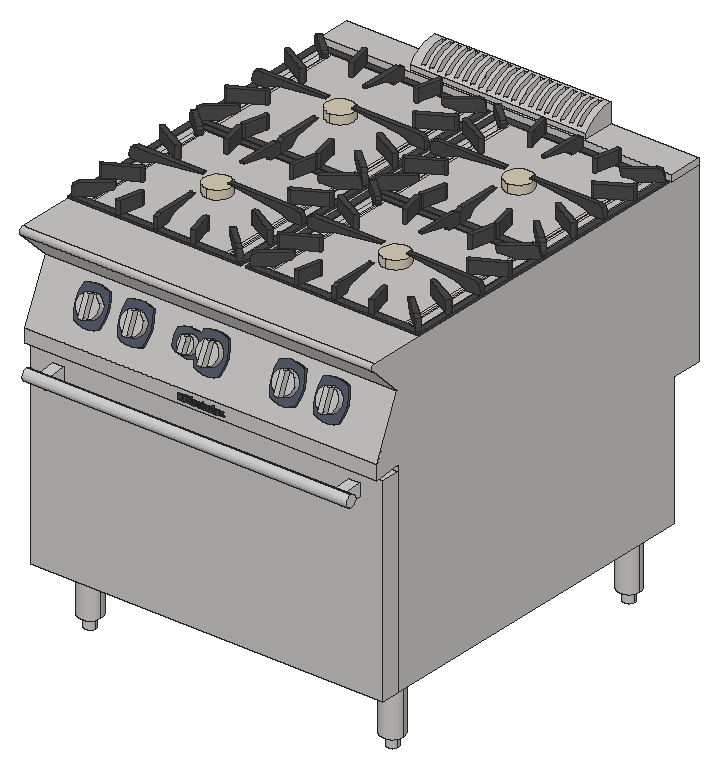
Revit family "QF_ELECTROLUXPROFESSIONAL_391004_E9GCGH4CGL", category Specialty Equipment, Revit 2018
Family settings
  Round Connector Dimension = Use Diameter
  Part Type = Normal
  Work Plane-Based = No
  Always vertical = Yes
  Cut with Voids When Loaded = No
  Shared = No
  Room Calculation Point = No
Parameters
  Weight in Pounds = 155
  Watts = 0 W
  URL Cutsheet = "www.electrolux.com"
  URL = "www.electrolux.com"
  Type Mark [instance] = ""
  Status [instance] = ""
  Specification by User [instance] = ""
  Specification by Manufacturer = ""
  Show Logo [instance] = yes
  Show Clearance [instance] = yes
  Serial Number = ""
  Seismic Rating = ""
  SMACNA No = ""
  Revision Code [instance] = ""
  Omniclass Number and Title = ""
  NAFEM Spec ID Number = ""
  Model = "391004"
  Mechanical Remarks [instance] = ""
  Mechanical Connection Type [instance] = ""
  Masterspec = ""
  Manufacturer = "ELECTROLUX"
  Item Number [instance] = ""
  Installed By [instance] = ""
  Identify Quantity as Lot [instance] = yes
  HP = "0 HP"
  Gas Size = 1/2"
  Gas RI Height [instance] = 0 mm
  Gas KW [instance] = 32.5
  Gas Input [instance] = 110793.0 Btu/h
  Gas Connection Height = 0 mm
  Furnished By [instance] = ""
  Foodservice Equipment Identifier [instance] = yes
  Direct Waste Size = 0"
  Description = "900XP 4 GAS BURNERS 6kW ON GAS OVEN"
  CSI MasterFormat = ""
  CSI Master Format = ""
Reference planes
  plane 1 "BACK": y = 0
  plane 2: z = 0
  plane 3 "LEFT": x = 0
  plane 4 "RIGHT": x = 800.1
  plane 5 "FRONT": y = -930.275
  plane 6 "TOP": z = 908
  plane 7 "Center Y": x = 400.05
  plane 8 "Center X": y = -465.137
  plane 9: z = 149.225
  plane 10: z = 1397
  plane 11: y = -80.962
  plane 12: z = 850
  plane 13: x = 56
  plane 14: y = -128
  plane 15: y = -801.687
  plane 16: y = -665.163
  plane 17: y = -1309
  plane 18: y = -576
  plane 19: x = 744.1
Forms (mm)
  Extrusion 1, solid, material "QF_Finishes_Stainless Steel"
    sketch origin (0, 0, 0) x (0, 1, 0) y (0, 0, 1)
      loop
        line (0, 449.262) -> (0, 850) -> (-922.302, 850)
        arc (-922.302, 850) -> (-930.275, 844.673) -> (-928.404, 835.268) r 8.63
        line (-928.404, 835.268) -> (-859.069, 765.933) -> (-916.765, 640.576) -> (-916.765, 609.279) -> (-856.641, 613.975)
        arc (-856.641, 613.975) -> (-854.117, 613.227) -> (-853.025, 610.831) r 3.175
        line (-853.025, 610.831) -> (-853.025, 149.225) -> (-71.438, 149.225) -> (-71.437, 449.263) -> (0, 449.262)
    from 0 to 800.1
  Revolve 2, solid, material "QF_Finishes_Stainless Steel"
    sketch origin (0, -801.687, 611.731) x (0, 0, -1) y (1, 0, 0)
      loop
        line (462.506, 56) -> (462.506, 30.6) -> (586.331, 30.6) -> (586.331, 43.3) -> (611.731, 43.3) -> (611.731, 56) -> (462.506, 56)
      axis (611.731, 56) -> (462.506, 56)
    angle from 0 to 360
  Revolve 3, solid, material "QF_Finishes_Stainless Steel"
    sketch origin (800.1, -801.687, 611.731) x (0, 0, -1) y (1, 0, 0)
      loop
        line (462.506, -55.562) -> (611.731, -55.562) -> (611.731, -42.862) -> (586.331, -42.862) -> (586.331, -30.162) -> (462.506, -30.162) -> (462.506, -55.562)
      axis (611.731, -55.562) -> (462.506, -55.562)
    angle from 0 to 360
  Revolve 4, solid, material "QF_Finishes_Stainless Steel"
    sketch origin (800.1, -128.588, 611.731) x (0, 0, -1) y (1, 0, 0)
      loop
        line (462.506, -55.562) -> (611.731, -55.562) -> (611.731, -42.862) -> (586.331, -42.862) -> (586.331, -30.162) -> (462.506, -30.162) -> (462.506, -55.562)
      axis (611.731, -55.562) -> (462.506, -55.562)
    angle from 0 to 360
  Revolve 5, solid, material "QF_Finishes_Stainless Steel"
    sketch origin (111.125, -128.588, 611.731) x (0, 0, -1) y (1, 0, 0)
      loop
        line (462.506, -55.125) -> (611.731, -55.125) -> (611.731, -42.425) -> (586.331, -42.425) -> (586.331, -29.725) -> (462.506, -29.725) -> (462.506, -55.125)
      axis (611.731, -55.125) -> (462.506, -55.125)
    angle from 0 to 360
  Extrusion 6, solid, material "QF_Finishes_Stainless Steel"
    sketch origin (0, 0, 0) x (0, 1, 0) y (0, 0, 1)
      loop
        line (0, 850) -> (0, 864.288) -> (-76.2, 864.288) -> (-76.2, 850) -> (0, 850)
    from 0 to 800.1
  Extrusion 7, void
    sketch origin (-65.011, 0, 865.138) x (-1, 0, 0) y (0, -1, 0)
      loop
        line (-295.005, 6.761) -> (-285.709, 6.761) -> (-285.709, 63.911) -> (-295.005, 63.911) -> (-295.005, 6.761)
      loop
        line (-313.697, 6.761) -> (-304.401, 6.761) -> (-304.401, 63.911) -> (-313.697, 63.911) -> (-313.697, 6.761)
      loop
        line (-332.39, 6.761) -> (-323.094, 6.761) -> (-323.094, 63.911) -> (-332.39, 63.911) -> (-332.39, 6.761)
      loop
        line (-351.082, 6.761) -> (-341.787, 6.761) -> (-341.787, 63.911) -> (-351.082, 63.911) -> (-351.082, 6.761)
      loop
        line (-369.775, 6.761) -> (-360.479, 6.761) -> (-360.479, 63.911) -> (-369.775, 63.911) -> (-369.775, 6.761)
      loop
        line (-388.468, 6.761) -> (-379.172, 6.761) -> (-379.172, 63.911) -> (-388.468, 63.911) -> (-388.468, 6.761)
      loop
        line (-407.16, 6.761) -> (-397.864, 6.761) -> (-397.864, 63.911) -> (-407.16, 63.911) -> (-407.16, 6.761)
      loop
        line (-425.853, 6.761) -> (-416.557, 6.761) -> (-416.557, 63.911) -> (-425.853, 63.911) -> (-425.853, 6.761)
      loop
        line (-444.545, 6.761) -> (-435.25, 6.761) -> (-435.25, 63.911) -> (-444.545, 63.911) -> (-444.545, 6.761)
      loop
        line (-463.238, 6.761) -> (-453.942, 6.761) -> (-453.942, 63.911) -> (-463.238, 63.911) -> (-463.238, 6.761)
      loop
        line (-481.931, 6.761) -> (-472.635, 6.761) -> (-472.635, 63.911) -> (-481.931, 63.911) -> (-481.931, 6.761)
      loop
        line (-500.623, 6.761) -> (-491.328, 6.761) -> (-491.328, 63.911) -> (-500.623, 63.911) -> (-500.623, 6.761)
      loop
        line (-519.316, 6.761) -> (-510.02, 6.761) -> (-510.02, 63.911) -> (-519.316, 63.911) -> (-519.316, 6.761)
      loop
        line (-538.008, 6.761) -> (-528.713, 6.761) -> (-528.713, 63.911) -> (-538.008, 63.911) -> (-538.008, 6.761)
      loop
        line (-556.701, 6.761) -> (-547.405, 6.761) -> (-547.405, 63.911) -> (-556.701, 63.911) -> (-556.701, 6.761)
      loop
        line (-575.394, 6.761) -> (-566.098, 6.761) -> (-566.098, 63.911) -> (-575.394, 63.911) -> (-575.394, 6.761)
      loop
        line (-594.086, 6.761) -> (-584.791, 6.761) -> (-584.791, 63.911) -> (-594.086, 63.911) -> (-594.086, 6.761)
      loop
        line (-612.779, 6.761) -> (-603.483, 6.761) -> (-603.483, 63.911) -> (-612.779, 63.911) -> (-612.779, 6.761)
      loop
        line (-631.472, 6.761) -> (-622.176, 6.761) -> (-622.176, 63.911) -> (-631.472, 63.911) -> (-631.472, 6.761)
      loop
        line (-650.164, 6.761) -> (-640.868, 6.761) -> (-640.868, 63.911) -> (-650.164, 63.911) -> (-650.164, 6.761)
    from 9.525 to 45.348
  Extrusion 8, solid, material "QF_Finishes_Stainless Steel"
    sketch origin (400.05, 175.397, 1219.2) x (0, 1, 0) y (0, 0, 1)
      loop
        line (-175.397, -354.912) -> (-175.397, -311.2)
        arc (-175.397, -311.2) -> (-214.469, -319.821) -> (-245.247, -345.387) r 84.854
        line (-245.247, -345.387) -> (-245.247, -354.912) -> (-175.397, -354.912)
    from -200.05 to 199.95
  Extrusion 9, solid, material "QF_Finishes_Navy Blue"
    sketch origin (0, -890.928, 697.612) x (0, -0.418102, -0.9084) y (1, 0, 0)
      loop
        arc (-53.776, 198.651) -> (-18.194, 191.027) -> (17.514, 198.034) r 90.5
        arc (17.514, 198.034) -> (24.34, 227.222) -> (17.514, 256.409) r 65.817
        arc (17.514, 256.409) -> (-18.193, 263.369) -> (-53.776, 255.797) r 91.066
        arc (-53.776, 255.797) -> (-60.332, 227.224) -> (-53.776, 198.651) r 65.546
      loop
        arc (-53.776, 98.651) -> (-18.194, 91.027) -> (17.514, 98.034) r 90.5
        arc (17.514, 98.034) -> (24.34, 127.222) -> (17.514, 156.409) r 65.817
        arc (17.514, 156.409) -> (-18.193, 163.369) -> (-53.776, 155.797) r 91.066
        arc (-53.776, 155.797) -> (-60.332, 127.224) -> (-53.776, 98.651) r 65.546
      loop
        arc (-53.776, 601.786) -> (-60.332, 573.214) -> (-53.776, 544.641) r 65.546
        arc (-53.776, 544.641) -> (-18.193, 537.068) -> (17.514, 544.028) r 91.066
        arc (17.514, 544.028) -> (24.34, 573.216) -> (17.514, 602.404) r 65.817
        arc (17.514, 602.404) -> (-18.194, 609.411) -> (-53.776, 601.786) r 90.5
      loop
        arc (-53.776, 701.786) -> (-60.332, 673.214) -> (-53.776, 644.641) r 65.546
        arc (-53.776, 644.641) -> (-18.193, 637.068) -> (17.514, 644.028) r 91.066
        arc (17.514, 644.028) -> (24.34, 673.216) -> (17.514, 702.404) r 65.817
        arc (17.514, 702.404) -> (-18.194, 709.411) -> (-53.776, 701.786) r 90.5
      loop
        arc (-40.159, 316.707) -> (-21.848, 313.911) -> (-3.351, 314.901) r 90.5
        arc (-3.351, 314.901) -> (6.915, 339.94) -> (6.238, 366.994) r 65.817
        arc (6.238, 366.994) -> (11.94, 368.741) -> (17.514, 370.86) r 90.5
        arc (17.514, 370.86) -> (24.34, 400.048) -> (17.514, 429.235) r 65.817
        arc (17.514, 429.235) -> (-18.193, 436.195) -> (-53.776, 428.623) r 91.066
        arc (-53.776, 428.623) -> (-60.332, 400.05) -> (-53.776, 371.477) r 65.546
        arc (-53.776, 371.477) -> (-49.379, 369.684) -> (-44.894, 368.124) r 90.5
        arc (-44.894, 368.124) -> (-47.802, 341.929) -> (-40.159, 316.707) r 65.546
    from 0 to 3.175
  Extrusion 10, solid, material "QF_Finishes_Stainless Steel"
    sketch origin (0, -893.812, 698.94) x (0, -0.418102, -0.9084) y (1, 0, 0)
      loop
        circle (-18.131, 227.457) r 25.4
      loop
        circle (-18.131, 127.457) r 25.4
      loop
        circle (-18.131, 572.543) r 25.4
      loop
        circle (-18.131, 672.543) r 25.4
      loop
        circle (-18.131, 349.957) r 19.05
      loop
        circle (-18.131, 400.05) r 25.4
    from 0 to 12.7
  Extrusion 11, solid, material "QF_Finishes_Stainless Steel"
    sketch origin (0, -905.349, 704.25) x (0, -0.418102, -0.9084) y (1, 0, 0)
      loop
        arc (-42.863, 233.243) -> (-43.531, 227.457) -> (-42.863, 221.671) r 25.4
        line (-42.863, 221.671) -> (6.601, 221.671)
        arc (6.601, 221.671) -> (7.269, 227.457) -> (6.601, 233.243) r 25.4
        line (6.601, 233.243) -> (-42.863, 233.243)
      loop
        arc (-42.863, 133.243) -> (-43.531, 127.457) -> (-42.863, 121.671) r 25.4
        line (-42.863, 121.671) -> (6.601, 121.671)
        arc (6.601, 121.671) -> (7.269, 127.457) -> (6.601, 133.243) r 25.4
        line (6.601, 133.243) -> (-42.863, 133.243)
      loop
        arc (-34.426, 356.459) -> (-35.24, 350.69) -> (-34.719, 344.887) r 25.4
        line (-34.719, 344.887) -> (-2.956, 344.887)
        arc (-2.956, 344.887) -> (-2.067, 350.647) -> (-2.515, 356.459) r 25.4
        line (-2.515, 356.459) -> (-34.426, 356.459)
      loop
        arc (-42.863, 579.675) -> (-43.531, 573.889) -> (-42.863, 568.102) r 25.4
        line (-42.863, 568.102) -> (6.601, 568.102)
        arc (6.601, 568.102) -> (7.269, 573.889) -> (6.601, 579.675) r 25.4
        line (6.601, 579.675) -> (-42.863, 579.675)
      loop
        arc (-42.863, 679.675) -> (-43.531, 673.889) -> (-42.863, 668.102) r 25.4
        line (-42.863, 668.102) -> (6.601, 668.102)
        arc (6.601, 668.102) -> (7.269, 673.889) -> (6.601, 679.675) r 25.4
        line (6.601, 679.675) -> (-42.863, 679.675)
      loop
        arc (-42.863, 405.836) -> (-43.531, 400.05) -> (-42.863, 394.264) r 25.4
        line (-42.863, 394.264) -> (6.601, 394.264)
        arc (6.601, 394.264) -> (7.269, 400.05) -> (6.601, 405.836) r 25.4
        line (6.601, 405.836) -> (-42.863, 405.836)
    from 0 to 12.7
  Extrusion 12, solid, material "QF_Finishes_Navy Blue", visible <- "Show Logo"
    sketch origin (0, -916.765, 609.279) x (0, 0, 1) y (-1, 0, 0)
      loop
        line (21.268, -357.807) -> (8.901, -357.807)
        arc (8.901, -357.807) -> (15.085, -362.379) -> (21.268, -357.807) r 6.467
      loop
        arc (21.268, -357.178) -> (20.099, -352.035) -> (15.443, -349.557) r 6.338
        line (15.443, -349.557) -> (15.443, -351.603)
        arc (15.443, -351.603) -> (16.927, -355.258) -> (20.372, -357.178) r 5.941
        line (20.372, -357.178) -> (21.268, -357.178)
      loop
        arc (9.797, -357.178) -> (13.242, -355.258) -> (14.726, -351.603) r 5.941
        line (14.726, -351.603) -> (14.726, -349.557)
        arc (14.726, -349.557) -> (10.032, -352.031) -> (8.742, -357.178) r 6.504
        line (8.742, -357.178) -> (9.797, -357.178)
      loop
        line (21.943, -349.088) -> (8.198, -349.088) -> (8.198, -362.851) -> (21.943, -362.851) -> (21.943, -349.088)
      loop
        arc (22.026, -365.819) -> (21.679, -365.461) -> (21.312, -365.799) r 0.358
        arc (21.312, -365.799) -> (20.997, -366.549) -> (20.281, -366.934) r 1.216
        line (20.281, -366.934) -> (9.868, -366.934)
        arc (9.868, -366.934) -> (9.208, -366.657) -> (8.812, -366.06) r 1.238
        arc (8.812, -366.06) -> (8.417, -365.809) -> (8.112, -366.163) r 0.358
        line (8.112, -366.163) -> (8.112, -376.042) -> (10.863, -376.042) -> (10.863, -375.145)
        arc (10.863, -375.145) -> (9.954, -374.565) -> (9.498, -373.588) r 1.928
        line (9.498, -373.588) -> (9.498, -371.089)
        arc (9.498, -371.089) -> (9.774, -370.36) -> (10.462, -369.996) r 1.101
        line (10.462, -369.996) -> (14.549, -369.996) -> (14.549, -373.67)
        arc (14.549, -373.67) -> (14.196, -374.167) -> (13.631, -374.395) r 1.083
        arc (13.631, -374.395) -> (13.367, -374.7) -> (13.659, -374.978) r 0.292
        line (13.659, -374.978) -> (16.621, -374.978)
        arc (16.621, -374.978) -> (16.924, -374.705) -> (16.686, -374.375) r 0.305
        arc (16.686, -374.375) -> (16.195, -374.127) -> (15.89, -373.67) r 1.083
        line (15.89, -373.67) -> (15.89, -369.996) -> (20.567, -369.996) -> (20.567, -373.744)
        arc (20.567, -373.744) -> (20.353, -374.499) -> (19.747, -374.997) r 1.314
        arc (19.747, -374.997) -> (19.527, -375.401) -> (19.882, -375.694) r 0.361
        line (19.882, -375.694) -> (22.026, -375.694) -> (22.026, -365.819)
      loop
        arc (21.309, -376.474) -> (20.928, -377.393) -> (20.01, -377.773) r 1.299
        line (20.01, -377.773) -> (10.431, -377.773)
        arc (10.431, -377.773) -> (9.593, -377.395) -> (9.321, -376.517) r 1.118
        line (9.321, -376.517) -> (8.112, -376.517) -> (8.112, -381.867) -> (9.3, -381.867)
        arc (9.3, -381.867) -> (9.572, -380.95) -> (10.442, -380.554) r 1.153
        line (10.442, -380.554) -> (22.514, -380.554) -> (21.309, -376.474)
      loop
        line (13.077, -384.503) -> (13.077, -390.951) -> (13.876, -390.951)
        arc (13.876, -390.951) -> (16.456, -389.966) -> (17.725, -387.513) r 3.874
        line (17.725, -387.513) -> (17.725, -385.752)
        arc (17.725, -385.752) -> (16.538, -382.887) -> (13.674, -381.701) r 4.051
        line (13.674, -381.701) -> (11.666, -381.701)
        arc (11.666, -381.701) -> (8.847, -383.186) -> (7.795, -386.193) r 4.352
        arc (7.795, -386.193) -> (8.16, -388.656) -> (9.537, -390.73) r 5.713
        line (9.537, -390.73) -> (10.486, -390.73)
        arc (10.486, -390.73) -> (9.754, -389.161) -> (9.537, -387.443) r 5.579
        arc (9.537, -387.443) -> (10.331, -385.48) -> (12.21, -384.503) r 3.057
        line (12.21, -384.503) -> (13.077, -384.503)
      loop
        line (14.336, -384.503) -> (14.336, -388.085)
        arc (14.336, -388.085) -> (15.793, -388.133) -> (16.676, -386.973) r 1.59
        line (16.676, -386.973) -> (16.676, -386.143)
        arc (16.676, -386.143) -> (15.811, -384.888) -> (14.336, -384.503) r 2.184
      loop
        arc (17.127, -400.368) -> (17.616, -398.694) -> (17.773, -396.957) r 9.023
        line (17.773, -396.957) -> (17.773, -395.595)
        arc (17.773, -395.595) -> (16.614, -392.795) -> (13.814, -391.636) r 3.959
        line (13.814, -391.636) -> (11.214, -391.636)
        arc (11.214, -391.636) -> (8.932, -392.928) -> (7.815, -395.301) r 4.331
        line (7.815, -395.301) -> (7.815, -397.436)
        arc (7.815, -397.436) -> (8.323, -398.986) -> (9.245, -400.332) r 5.772
        arc (9.245, -400.332) -> (10.006, -400.383) -> (10.093, -399.624) r 0.553
        arc (10.093, -399.624) -> (9.705, -398.89) -> (9.571, -398.071) r 2.573
        line (9.571, -398.071) -> (9.571, -396.556)
        arc (9.571, -396.556) -> (10.577, -394.915) -> (12.392, -394.272) r 2.884
        line (12.392, -394.272) -> (13.67, -394.272)
        arc (13.67, -394.272) -> (15.492, -394.832) -> (16.418, -396.497) r 2.554
        line (16.418, -396.497) -> (16.418, -397.55)
        arc (16.418, -397.55) -> (16.087, -398.478) -> (15.43, -399.213) r 2.564
        arc (15.43, -399.213) -> (15.208, -399.93) -> (15.817, -400.368) r 0.643
        line (15.817, -400.368) -> (17.127, -400.368)
      loop
        line (16.109, -400.638) -> (16.109, -402.139) -> (10.061, -402.139)
        arc (10.061, -402.139) -> (8.473, -402.797) -> (7.815, -404.385) r 2.246
        line (7.815, -404.385) -> (7.815, -405.969)
        arc (7.815, -405.969) -> (8.129, -406.834) -> (8.629, -407.605) r 4.06
        arc (8.629, -407.605) -> (9.362, -407.738) -> (9.613, -407.037) r 0.576
        arc (9.613, -407.037) -> (9.507, -406.512) -> (9.571, -405.979) r 1.69
        arc (9.571, -405.979) -> (10.113, -405.191) -> (11.019, -404.888) r 1.506
        line (11.019, -404.888) -> (16.157, -404.888) -> (16.157, -407.285) -> (16.713, -407.842) -> (17.535, -407.842) -> (17.535, -404.982) -> (20.766, -404.982) -> (16.109, -400.638)
      loop
        line (8.032, -408.739) -> (8.032, -414.126) -> (9.142, -414.126)
        arc (9.142, -414.126) -> (9.536, -413.175) -> (10.487, -412.781) r 1.345
        line (10.487, -412.781) -> (14.103, -412.781)
        arc (14.103, -412.781) -> (14.868, -413.373) -> (15.157, -414.295) r 1.615
        line (15.157, -414.295) -> (15.157, -415.851) -> (17.713, -416.536) -> (17.713, -415.153) -> (15.771, -412.594) -> (17.651, -412.594) -> (17.367, -409.888)
        arc (17.367, -409.888) -> (16.927, -409.358) -> (16.268, -409.559) r 0.621
        arc (16.268, -409.559) -> (15.868, -409.901) -> (15.374, -410.084) r 1.501
        line (15.374, -410.084) -> (10.487, -410.084)
        arc (10.487, -410.084) -> (9.536, -409.69) -> (9.142, -408.739) r 1.345
        line (9.142, -408.739) -> (8.032, -408.739)
      loop
        line (14.134, -416.073) -> (11.442, -416.073)
        arc (11.442, -416.073) -> (8.996, -417.381) -> (7.863, -419.912) r 4.288
        arc (7.863, -419.912) -> (7.799, -421.292) -> (7.863, -422.672) r 15.022
        arc (7.863, -422.672) -> (8.996, -425.203) -> (11.442, -426.51) r 4.288
        line (11.442, -426.51) -> (14.134, -426.51)
        arc (14.134, -426.51) -> (16.579, -425.203) -> (17.713, -422.672) r 4.288
        arc (17.713, -422.672) -> (17.777, -421.292) -> (17.713, -419.912) r 15.022
        arc (17.713, -419.912) -> (16.579, -417.381) -> (14.134, -416.073) r 4.288
      loop
        line (14.339, -419.187) -> (11.237, -419.187)
        arc (11.237, -419.187) -> (9.08, -421.344) -> (11.237, -423.501) r 2.157
        line (11.237, -423.501) -> (14.339, -423.501)
        arc (14.339, -423.501) -> (16.496, -421.344) -> (14.339, -419.187) r 2.157
      loop
        arc (21.32, -426.369) -> (20.949, -427.263) -> (20.055, -427.633) r 1.264
        line (20.055, -427.633) -> (10.191, -427.633)
        arc (10.191, -427.633) -> (9.321, -427.236) -> (9.049, -426.32) r 1.153
        line (9.049, -426.32) -> (8.112, -426.32) -> (8.112, -431.428) -> (9.04, -431.428)
        arc (9.04, -431.428) -> (9.399, -430.656) -> (10.191, -430.341) r 1.153
        line (10.191, -430.341) -> (22.514, -430.341) -> (21.32, -426.369)
      loop
        arc (16.44, -430.966) -> (16.241, -432.03) -> (15.272, -432.512) r 1.215
        line (15.272, -432.512) -> (10.252, -432.512)
        arc (10.252, -432.512) -> (8.637, -433.16) -> (7.916, -434.743) r 2.338
        line (7.916, -434.743) -> (7.916, -436.257)
        arc (7.916, -436.257) -> (8.091, -437.261) -> (8.593, -438.147) r 2.979
        line (8.593, -438.147) -> (8.112, -439.944) -> (8.112, -441.633) -> (17.537, -441.633) -> (17.243, -437.429) -> (16.457, -437.429)
        arc (16.457, -437.429) -> (16.101, -438.265) -> (15.349, -438.774) r 1.605
        line (15.349, -438.774) -> (10.246, -438.774)
        arc (10.246, -438.774) -> (9.826, -437.837) -> (9.753, -436.813) r 2.94
        arc (9.753, -436.813) -> (10.314, -435.712) -> (11.467, -435.269) r 1.724
        line (11.467, -435.269) -> (17.664, -435.269) -> (16.44, -430.966)
      loop
        line (17.468, -442.486) -> (15.796, -444.532) -> (12.622, -446.838) -> (9.166, -443.726)
        arc (9.166, -443.726) -> (8.928, -443.332) -> (8.951, -442.873) r 0.789
        line (8.951, -442.873) -> (8.112, -442.873) -> (8.112, -446.418) -> (8.938, -446.418)
        arc (8.938, -446.418) -> (9.28, -446.056) -> (9.77, -446.148) r 0.52
        line (9.77, -446.148) -> (11.57, -447.619) -> (9.452, -448.995)
        arc (9.452, -448.995) -> (9.051, -448.685) -> (8.964, -448.185) r 0.7
        line (8.964, -448.185) -> (8.112, -448.185) -> (8.112, -454.112) -> (8.998, -454.112)
        arc (8.998, -454.112) -> (9.065, -453.453) -> (9.46, -452.922) r 1.247
        line (9.46, -452.922) -> (13.66, -449.641) -> (16.107, -451.694) -> (17.468, -453.436) -> (17.468, -449.713) -> (15.983, -450.135) -> (14.462, -448.858) -> (16.162, -447.668) -> (17.468, -448.445) -> (17.468, -442.486)
    from 0 to 1.644
  Extrusion 13, solid, material "QF_Finishes_Stainless Steel"
    sketch origin (0, -853.025, 610.831) x (0, 0, -1) y (1, 0, 0)
      loop
        line (460.831, 0) -> (460.831, 800) -> (9.61, 800) -> (9.61, 0) -> (460.831, 0)
    from 3.175 to 46.663
  Extrusion 14, solid, material "QF_Finishes_Handrails and Railings"
    sketch origin (50.8, -1053.827, 150) x (0, 0, 1) y (0, 1, 0)
      loop
        circle (420.409, 103.146) r 12.7
    from 19.875 to -718.375
  Extrusion 15, solid, material "QF_Finishes_Handrails and Railings"
    sketch origin (800, -1053.827, 150) x (0, 0, 1) y (0, -1, 0)
      loop
        line (429.101, -153.025) -> (426.396, -114.347)
        arc (426.396, -114.347) -> (412.589, -113.153) -> (408.093, -100.044) r 12.7
        arc (408.093, -100.044) -> (407.276, -100.585) -> (406.501, -101.183) r 13.441
        arc (406.501, -101.183) -> (405.055, -102.989) -> (404.435, -105.216) r 5.77
        line (404.435, -105.216) -> (401.092, -153.025) -> (429.101, -153.025)
    from -50.7 to -76.1
  Extrusion 16, solid, material "QF_Finishes_Handrails and Railings"
    sketch origin (0.1, -1053.827, 150) x (0, 0, 1) y (0, 1, 0)
      loop
        line (429.101, 153.025) -> (401.092, 153.025) -> (404.435, 105.216)
        arc (404.435, 105.216) -> (405.055, 102.989) -> (406.501, 101.183) r 5.77
        arc (406.501, 101.183) -> (407.276, 100.585) -> (408.093, 100.044) r 13.441
        arc (408.093, 100.044) -> (412.589, 113.153) -> (426.396, 114.347) r 12.7
        line (426.396, 114.347) -> (429.101, 153.025)
    from -50.7 to -76.1
  Extrusion 17, solid, material "QF_Door-Drawer Clearances", visible <- "Show Clearance", detail levels coarse
    sketch origin (800, -853.025, 150) x (0, 0, 1) y (0, -1, 0)
      loop
        line (0, 455.975) -> (0, 46.663) -> (451.218, 46.663)
        arc (451.218, 46.663) -> (305.577, 339.474) -> (0, 455.975) r 449.286
    from 0 to -800
  Extrusion 18, solid, material "QF_Finishes_Stainless Steel"
    sketch origin (0, -853.025, 149.225) x (1, 0, 0) y (0, -1, 0)
      loop
        circle (749.3, -187.862) r 6.4
      loop
        circle (757.1, -277.025) r 6.4
    from 0 to 20.638
  Extrusion 19, solid, material "QF_Clearances", visible <- "Show Clearance", detail levels coarse
    sketch origin (0, 0, 0) x (1, 0, 0) y (0, 1, 0)
      loop
        line (-100.013, -930.275) -> (0, -930.275) -> (0, 0) -> (800.1, 0) -> (800.1, -930.275) -> (900.113, -930.275) -> (900.113, 100.013) -> (-100.013, 100.013) -> (-100.013, -930.275)
    from 0 to 908
Cuts and joins
  Extrusion 7 cuts Extrusion 8
Lines and regions (mm)
  symbolic lines, style "QF_Clearances", visible <- "Show Clearance", detail levels coarse
    curve 1: line (-100.013, -930.275, 0) -> (-100.012, 100.013, 0)
    curve 2: line (-100.013, 100.013, 0) -> (900.113, 100.013, 0)
    curve 3: line (900.113, 100.013, 0) -> (900.113, -929.879, 0)
  symbolic lines
    curve 4: line (0, 0, 0) -> (800.1, 0, 0)
    curve 5: line (800.1, 0, 0) -> (800.1, -930.275, 0)
    curve 6: line (0, -930.275, 0) -> (0, 0, 0)
    curve 7: line (0, -76.2, 0) -> (800.1, -76.2, 0)
    curve 8: line (0, -930.275, 0) -> (800.1, -930.275, 0)
    curve 12: line (769.175, -963.381, 0) -> (30.925, -963.381, 0)
    curve 13: line (30.925, -963.381, 0) -> (30.925, -937.981, 0)
    curve 14: line (769.175, -963.381, 0) -> (769.175, -937.981, 0)
    curve 15: line (769.175, -937.981, 0) -> (749.3, -937.981, 0)
    curve 16: line (749.3, -953.783, 0) -> (749.3, -930.275, 0)
    curve 17: line (723.9, -953.783, 0) -> (723.9, -930.275, 0)
    curve 18: line (723.9, -937.981, 0) -> (76.2, -937.981, 0)
    curve 19: line (30.925, -937.981, 0) -> (50.8, -937.981, 0)
    curve 20: line (50.8, -930.275, 0) -> (50.8, -953.783, 0)
    curve 21: line (50.8, -953.783, 0) -> (76.2, -953.783, 0)
    curve 22: line (76.2, -953.783, 0) -> (76.2, -930.275, 0)
    curve 23: line (749.3, -953.783, 0) -> (723.9, -953.783, 0)
    curve 24: line (200, -69.85, 0) -> (200, 0, 0)
    curve 25: line (200, -69.85, 0) -> (600, -69.85, 0)
    curve 26: line (600, -69.85, 0) -> (600, 0, 0)
    curve 27: line (585.153, -6.761, 0) -> (585.153, -63.911, 0)
    curve 28: line (585.153, -63.911, 0) -> (575.857, -63.911, 0)
    curve 29: line (575.857, -63.911, 0) -> (575.857, -6.761, 0)
    curve 30: line (575.857, -6.761, 0) -> (585.153, -6.761, 0)
    curve 31: line (566.461, -6.761, 0) -> (566.461, -63.911, 0)
    curve 32: line (566.461, -63.911, 0) -> (557.165, -63.911, 0)
    curve 33: line (557.165, -63.911, 0) -> (557.165, -6.761, 0)
    curve 34: line (557.165, -6.761, 0) -> (566.461, -6.761, 0)
    curve 35: line (547.768, -6.761, 0) -> (547.768, -63.911, 0)
    curve 36: line (547.768, -63.911, 0) -> (538.472, -63.911, 0)
    curve 37: line (538.472, -63.911, 0) -> (538.472, -6.761, 0)
    curve 38: line (538.472, -6.761, 0) -> (547.768, -6.761, 0)
    curve 39: line (529.075, -6.761, 0) -> (529.075, -63.911, 0)
    curve 40: line (529.075, -63.911, 0) -> (519.78, -63.911, 0)
    curve 41: line (519.78, -63.911, 0) -> (519.78, -6.761, 0)
    curve 42: line (519.78, -6.761, 0) -> (529.075, -6.761, 0)
    curve 43: line (510.383, -6.761, 0) -> (510.383, -63.911, 0)
    curve 44: line (510.383, -63.911, 0) -> (501.087, -63.911, 0)
    curve 45: line (501.087, -63.911, 0) -> (501.087, -6.761, 0)
    curve 46: line (501.087, -6.761, 0) -> (510.383, -6.761, 0)
    curve 47: line (491.69, -6.761, 0) -> (491.69, -63.911, 0)
    curve 48: line (491.69, -63.911, 0) -> (482.394, -63.911, 0)
    curve 49: line (482.394, -63.911, 0) -> (482.394, -6.761, 0)
    curve 50: line (482.394, -6.761, 0) -> (491.69, -6.761, 0)
    curve 51: line (472.998, -6.761, 0) -> (472.998, -63.911, 0)
    curve 52: line (472.998, -63.911, 0) -> (463.702, -63.911, 0)
    curve 53: line (463.702, -63.911, 0) -> (463.702, -6.761, 0)
    curve 54: line (463.702, -6.761, 0) -> (472.998, -6.761, 0)
    curve 55: line (454.305, -6.761, 0) -> (454.305, -63.911, 0)
    curve 56: line (454.305, -63.911, 0) -> (445.009, -63.911, 0)
    curve 57: line (445.009, -63.911, 0) -> (445.009, -6.761, 0)
    curve 58: line (445.009, -6.761, 0) -> (454.305, -6.761, 0)
    curve 59: line (435.612, -6.761, 0) -> (435.612, -63.911, 0)
    curve 60: line (435.612, -63.911, 0) -> (426.317, -63.911, 0)
    curve 61: line (426.317, -63.911, 0) -> (426.317, -6.761, 0)
    curve 62: line (426.317, -6.761, 0) -> (435.612, -6.761, 0)
    curve 63: line (416.92, -6.761, 0) -> (416.92, -63.911, 0)
    curve 64: line (416.92, -63.911, 0) -> (407.624, -63.911, 0)
    curve 65: line (407.624, -63.911, 0) -> (407.624, -6.761, 0)
    curve 66: line (407.624, -6.761, 0) -> (416.92, -6.761, 0)
    curve 67: line (398.227, -6.761, 0) -> (398.227, -63.911, 0)
    curve 68: line (398.227, -63.911, 0) -> (388.931, -63.911, 0)
    curve 69: line (388.931, -63.911, 0) -> (388.931, -6.761, 0)
    curve 70: line (388.931, -6.761, 0) -> (398.227, -6.761, 0)
    curve 71: line (379.534, -6.761, 0) -> (379.534, -63.911, 0)
    curve 72: line (379.534, -63.911, 0) -> (370.239, -63.911, 0)
    curve 73: line (370.239, -63.911, 0) -> (370.239, -6.761, 0)
    curve 74: line (370.239, -6.761, 0) -> (379.534, -6.761, 0)
    curve 75: line (360.842, -6.761, 0) -> (360.842, -63.911, 0)
    curve 76: line (360.842, -63.911, 0) -> (351.546, -63.911, 0)
    curve 77: line (351.546, -63.911, 0) -> (351.546, -6.761, 0)
    curve 78: line (351.546, -6.761, 0) -> (360.842, -6.761, 0)
    curve 79: line (342.149, -6.761, 0) -> (342.149, -63.911, 0)
    curve 80: line (342.149, -63.911, 0) -> (332.854, -63.911, 0)
    curve 81: line (332.854, -63.911, 0) -> (332.854, -6.761, 0)
    curve 82: line (332.854, -6.761, 0) -> (342.149, -6.761, 0)
    curve 83: line (323.457, -6.761, 0) -> (323.457, -63.911, 0)
    curve 84: line (323.457, -63.911, 0) -> (314.161, -63.911, 0)
    curve 85: line (314.161, -63.911, 0) -> (314.161, -6.761, 0)
    curve 86: line (314.161, -6.761, 0) -> (323.457, -6.761, 0)
    curve 87: line (304.764, -6.761, 0) -> (304.764, -63.911, 0)
    curve 88: line (304.764, -63.911, 0) -> (295.468, -63.911, 0)
    curve 89: line (295.468, -63.911, 0) -> (295.468, -6.761, 0)
    curve 90: line (295.468, -6.761, 0) -> (304.764, -6.761, 0)
    curve 91: line (286.071, -6.761, 0) -> (286.071, -63.911, 0)
    curve 92: line (286.071, -63.911, 0) -> (276.776, -63.911, 0)
    curve 93: line (276.776, -63.911, 0) -> (276.776, -6.761, 0)
    curve 94: line (276.776, -6.761, 0) -> (286.071, -6.761, 0)
    curve 95: line (267.379, -6.761, 0) -> (267.379, -63.911, 0)
    curve 96: line (267.379, -63.911, 0) -> (258.083, -63.911, 0)
    curve 97: line (258.083, -63.911, 0) -> (258.083, -6.761, 0)
    curve 98: line (258.083, -6.761, 0) -> (267.379, -6.761, 0)
    curve 99: line (248.686, -6.761, 0) -> (248.686, -63.911, 0)
    curve 100: line (248.686, -63.911, 0) -> (239.39, -63.911, 0)
    curve 101: line (239.39, -63.911, 0) -> (239.39, -6.761, 0)
    curve 102: line (239.39, -6.761, 0) -> (248.686, -6.761, 0)
    curve 103: line (229.994, -6.761, 0) -> (229.994, -63.911, 0)
    curve 104: line (229.994, -63.911, 0) -> (220.698, -63.911, 0)
    curve 105: line (220.698, -63.911, 0) -> (220.698, -6.761, 0)
    curve 106: line (220.698, -6.761, 0) -> (229.994, -6.761, 0)
  symbolic lines, style "QF_Door-Drawer Clearances"
    curve 9: line (0, -930.275, 0) -> (0, -1309, 0)
    curve 10: line (0, -1309, 0) -> (800, -1309, 0)
    curve 11: line (800, -1309, 0) -> (800, -929, 0)
Dimensions and locks
  equal spacing: plane 3 "LEFT", plane 7 "Center Y", plane 4 "RIGHT"
  plane 3 "LEFT" to plane 4 "RIGHT" = 800.1 mm
  equal spacing: plane 5 "FRONT", plane 8 "Center X", plane 1 "BACK"
  plane 5 "FRONT" to plane 1 "BACK" = 930.275 mm  (x2)
  plane 6 "TOP" to plane 2 = 908 mm
  plane 9 to plane 2 = 149.225 mm  (x2)
  plane 10 to plane 6 "TOP" = 489 mm
  plane 10 to plane 2 = 1397 mm
  plane 10 to plane 9 = 1247.775 mm
  plane 6 "TOP" to plane 12 = 58 mm
  plane 12 to plane 2 = 850 mm
  plane 14 to plane 1 "BACK" = 128 mm
  plane 15 to plane 14 = 673.688 mm
  Extrusion 1 sketch curve to plane 1 "BACK" = 71.438 mm
  Extrusion 1 sketch curve to plane 9 = 300.038 mm
  Extrusion 18 sketch curve to plane 4 "RIGHT" = 50.8 mm
  Extrusion 18 sketch curve to plane 1 "BACK" = 665.163 mm
  Extrusion 18 to plane 2 = 128.588 mm
  plane 16 to plane 1 "BACK" = 665.163 mm
  Extrusion 1 to plane 1 "BACK" = 71.438 mm
  plane 9 to Extrusion 1 = 300.038 mm
  Extrusion 18 to plane 9 = 20.638 mm
  Extrusion 17 to plane 15 = 98 mm
  plane 17 to plane 1 "BACK" = 1309 mm
  Extrusion 17 to plane 1 "BACK" = 899.687 mm
  Extrusion 18 sketch curve to plane 4 "RIGHT" = 43 mm
  Extrusion 18 sketch curve to plane 1 "BACK" = 576 mm
  plane 18 to plane 1 "BACK" = 576 mm
  plane 3 "LEFT" to plane 13 to plane 19 to plane 4 "RIGHT" = 56 mm, 688.1 mm, 56 mm
  aligned and locked: level to plane 2
  aligned and locked: Extrusion 1 to plane 4 "RIGHT"
  aligned and locked: plane 15 to Revolve 2
  aligned and locked: Extrusion 6 to plane 4 "RIGHT"
  aligned and locked: Extrusion 17 to Extrusion 13
  aligned and locked: plane 6 "TOP" to Extrusion 19
Automatic sketch dimensions
  Extrusion 1 sketch curve to plane 12 = 0 mm
  Extrusion 1 sketch curve to plane 9 = 0 mm
  Extrusion 1 sketch curve to plane 1 "BACK" = 0 mm
  plane 15 to Extrusion 1 sketch curve = 51.337 mm
  Extrusion 1 sketch curve to Extrusion 1 sketch curve = 3.175 mm
  Extrusion 1 sketch curve to Extrusion 1 sketch curve = 0.442 mm
  Extrusion 1 sketch curve to plane 5 "FRONT" = 1.871 mm
  Extrusion 1 sketch curve to plane 12 = 240.721 mm
  Extrusion 1 sketch curve to Extrusion 1 sketch curve = 1.552 mm
  Extrusion 1 sketch curve to Extrusion 1 sketch curve = 31.298 mm
  Extrusion 1 sketch curve to plane 12 = 84.067 mm
  Extrusion 1 sketch curve to plane 12 = 14.732 mm
  plane 13 to Revolve 2 sketch curve = 0 mm  (x2)
  Revolve 2 sketch curve to plane 9 = 0 mm
  Revolve 2 sketch curve to level = 0 mm
  Revolve 2 sketch curve to Revolve 2 sketch curve = 32.525 mm
  Revolve 2 sketch curve to Revolve 2 sketch curve = 50.8 mm
  level to Revolve 2 sketch curve = 25.4 mm
  Revolve 2 sketch curve to Revolve 2 sketch curve = 12.7 mm  (x2)
  Revolve 3 sketch curve to plane 9 = 0 mm
  Revolve 3 sketch curve to level = 0 mm
  Revolve 3 sketch curve to Revolve 3 sketch curve = 32.525 mm
  Revolve 3 sketch curve to Revolve 3 sketch curve = 50.8 mm
  level to Revolve 3 sketch curve = 25.4 mm
  Revolve 3 sketch curve to Revolve 3 sketch curve = 12.7 mm
  Revolve 3 sketch curve to Revolve 3 sketch curve = 25.4 mm
  Revolve 4 sketch curve to plane 9 = 0 mm
  Revolve 4 sketch curve to level = 0 mm
  Revolve 4 sketch curve to Revolve 4 sketch curve = 32.525 mm
  Revolve 4 sketch curve to Revolve 4 sketch curve = 50.8 mm
  level to Revolve 4 sketch curve = 25.4 mm
  Revolve 4 sketch curve to Revolve 4 sketch curve = 12.7 mm
  Revolve 4 sketch curve to Revolve 4 sketch curve = 25.4 mm
  plane 13 to Revolve 5 sketch curve = 0 mm  (x2)
  Revolve 5 sketch curve to plane 9 = 0 mm
  Revolve 5 sketch curve to level = 0 mm
  Revolve 5 sketch curve to Revolve 5 sketch curve = 32.525 mm
  Revolve 5 sketch curve to Revolve 5 sketch curve = 50.8 mm
  level to Revolve 5 sketch curve = 25.4 mm
  Revolve 5 sketch curve to plane 13 = 12.7 mm
  Revolve 5 sketch curve to plane 13 = 25.4 mm
  Extrusion 6 sketch curve to plane 12 = 0 mm
  Extrusion 6 sketch curve to plane 1 "BACK" = 0 mm
  plane 11 to Extrusion 6 sketch curve = 4.763 mm
  plane 12 to Extrusion 6 sketch curve = 14.288 mm
  plane 11 to Extrusion 7 sketch curve = 17.052 mm  (x19)
  Extrusion 7 sketch curve to Extrusion 7 sketch curve = 9.296 mm  (x20)
  Extrusion 7 sketch curve to Extrusion 7 sketch curve = 9.397 mm  (x18)
  plane 7 "Center Y" to Extrusion 7 sketch curve = 7.574 mm
  Extrusion 7 sketch curve to plane 7 "Center Y" = 1.823 mm
  Extrusion 7 sketch curve to Extrusion 7 sketch curve = 0 mm
  plane 1 "BACK" to Extrusion 7 sketch curve = 6.761 mm  (x20)
  Extrusion 8 sketch curve to plane 1 "BACK" = 0 mm
  plane 1 "BACK" to Extrusion 8 sketch curve = 1.769 mm
  plane 11 to Extrusion 8 sketch curve = 11.113 mm
  Extrusion 8 sketch curve to plane 12 = 26.835 mm
  plane 12 to Extrusion 8 sketch curve = 14.288 mm
  Extrusion 8 sketch curve to Extrusion 8 sketch curve = 9.525 mm
  Extrusion 9 sketch curve to Extrusion 9 sketch curve = 0 mm  (x13)
  Extrusion 9 sketch curve to plane 7 "Center Y" = 0 mm
  Extrusion 9 sketch curve to plane 7 "Center Y" = 48.195 mm
  Extrusion 9 sketch curve to Extrusion 9 sketch curve = 4.038 mm  (x2)
  plane 7 "Center Y" to Extrusion 9 sketch curve = 28.573 mm
  Extrusion 9 sketch curve to plane 13 = 42.651 mm
  Extrusion 9 sketch curve to Extrusion 9 sketch curve = 8.882 mm
  Extrusion 9 sketch curve to Extrusion 9 sketch curve = 12.3 mm  (x14)
  Extrusion 9 sketch curve to plane 7 "Center Y" = 0.002 mm
  Extrusion 9 sketch curve to Extrusion 9 sketch curve = 17.655 mm
  Extrusion 9 sketch curve to Extrusion 9 sketch curve = 36.365 mm  (x6)
  Extrusion 9 sketch curve to plane 13 = 16.307 mm
  Extrusion 9 sketch curve to Extrusion 9 sketch curve = 22.748 mm
  Extrusion 9 sketch curve to Extrusion 9 sketch curve = 27.483 mm
  plane 7 "Center Y" to Extrusion 9 sketch curve = 4.252 mm
  Extrusion 9 sketch curve to Extrusion 9 sketch curve = 24.066 mm
  Extrusion 9 sketch curve to Extrusion 9 sketch curve = 14.06 mm
  Extrusion 9 sketch curve to Extrusion 9 sketch curve = 46.691 mm  (x4)
  Extrusion 9 sketch curve to Extrusion 9 sketch curve = 22.625 mm
  Extrusion 9 sketch curve to Extrusion 9 sketch curve = 23.649 mm
  Extrusion 9 sketch curve to Extrusion 9 sketch curve = 11.23 mm
  Extrusion 9 sketch curve to Extrusion 9 sketch curve = 11.276 mm
  plane 7 "Center Y" to Extrusion 9 sketch curve = 29.185 mm
  Extrusion 9 sketch curve to Extrusion 9 sketch curve = 25.727 mm  (x2)
  Extrusion 9 sketch curve to Extrusion 9 sketch curve = 28.57 mm  (x2)
  Extrusion 9 sketch curve to Extrusion 9 sketch curve = 9.217 mm  (x2)
  Extrusion 9 sketch curve to Extrusion 9 sketch curve = 16.51 mm  (x2)
  Extrusion 9 sketch curve to Extrusion 9 sketch curve = 17.128 mm
  Extrusion 9 sketch curve to Extrusion 9 sketch curve = 30.232 mm
  Extrusion 9 sketch curve to Extrusion 9 sketch curve = 64.564 mm
  Extrusion 9 sketch curve to Extrusion 9 sketch curve = 25.114 mm
  Extrusion 9 sketch curve to Extrusion 9 sketch curve = 29.185 mm  (x2)
  Extrusion 10 sketch curve to Extrusion 10 sketch curve = 0 mm  (x5)
  Extrusion 10 sketch curve to Extrusion 10 sketch curve = 100 mm  (x2)
  Extrusion 10 sketch curve to Extrusion 10 sketch curve = 122.5 mm
  Extrusion 10 sketch curve to Extrusion 10 sketch curve = 50.093 mm
  Extrusion 10 sketch curve to Extrusion 10 sketch curve = 172.493 mm
  Extrusion 11 sketch curve to Extrusion 11 sketch curve = 0 mm  (x10)
  Extrusion 11 sketch curve to Extrusion 11 sketch curve = 9.318 mm
  Extrusion 11 sketch curve to Extrusion 11 sketch curve = 6.977 mm
  Extrusion 11 sketch curve to Extrusion 11 sketch curve = 7.271 mm
  Extrusion 11 sketch curve to Extrusion 11 sketch curve = 24.732 mm  (x8)
  Extrusion 11 sketch curve to Extrusion 11 sketch curve = 17.6 mm
  Extrusion 11 sketch curve to Extrusion 11 sketch curve = 6.893 mm
  Extrusion 11 sketch curve to Extrusion 11 sketch curve = 7.334 mm
  Extrusion 11 sketch curve to Extrusion 11 sketch curve = 49.377 mm
  Extrusion 11 sketch curve to Extrusion 11 sketch curve = 5.159 mm
  Extrusion 11 sketch curve to Extrusion 11 sketch curve = 162.266 mm
  Extrusion 11 sketch curve to Extrusion 11 sketch curve = 5.786 mm  (x2)
  Extrusion 11 sketch curve to Extrusion 11 sketch curve = 88.428 mm
  Extrusion 12 sketch curve to Extrusion 1 = 2.755 mm
  Extrusion 12 sketch curve to Extrusion 1 = 7.795 mm
  Extrusion 12 sketch curve to Extrusion 1 = 7.815 mm  (x2)
  Extrusion 12 sketch curve to Extrusion 12 sketch curve = 5.108 mm  (x2)
  Extrusion 12 sketch curve to Extrusion 12 sketch curve = 0 mm  (x27)
  Extrusion 12 sketch curve to Extrusion 1 = 7.916 mm
  Extrusion 12 sketch curve to Extrusion 12 sketch curve = 0.218 mm
  Extrusion 12 sketch curve to Extrusion 12 sketch curve = 0.195 mm
  Extrusion 12 sketch curve to Extrusion 12 sketch curve = 0.249 mm
  Extrusion 12 sketch curve to Extrusion 1 = 8.112 mm
  Extrusion 12 sketch curve to Extrusion 12 sketch curve = 0.087 mm
  Extrusion 12 sketch curve to Extrusion 12 sketch curve = 0.358 mm
  Extrusion 12 sketch curve to Extrusion 12 sketch curve = 0.481 mm
  Extrusion 12 sketch curve to Extrusion 12 sketch curve = 0.597 mm
  Extrusion 12 sketch curve to Extrusion 12 sketch curve = 0.544 mm
  Extrusion 12 sketch curve to Extrusion 12 sketch curve = 0.936 mm
  Extrusion 12 sketch curve to Extrusion 12 sketch curve = 0.594 mm
  Extrusion 12 sketch curve to Extrusion 12 sketch curve = 0.343 mm
  Extrusion 12 sketch curve to Extrusion 12 sketch curve = 0.159 mm
  Extrusion 12 sketch curve to Extrusion 12 sketch curve = 0.826 mm
  Extrusion 12 sketch curve to Extrusion 12 sketch curve = 0.839 mm
  Extrusion 12 sketch curve to Extrusion 12 sketch curve = 0.852 mm
  Extrusion 12 sketch curve to Extrusion 12 sketch curve = 0.887 mm
  Extrusion 12 sketch curve to Extrusion 12 sketch curve = 0.928 mm
  Extrusion 12 sketch curve to Extrusion 12 sketch curve = 0.938 mm
  Extrusion 12 sketch curve to Extrusion 12 sketch curve = 0.444 mm
  Extrusion 12 sketch curve to Extrusion 12 sketch curve = 1.11 mm  (x3)
  Extrusion 12 sketch curve to Extrusion 12 sketch curve = 0.215 mm
  Extrusion 12 sketch curve to Extrusion 12 sketch curve = 1.43 mm
  Extrusion 12 sketch curve to Extrusion 12 sketch curve = 1.188 mm
  Extrusion 12 sketch curve to Extrusion 12 sketch curve = 1.21 mm  (x2)
  Extrusion 12 sketch curve to Extrusion 12 sketch curve = 0.503 mm
  Extrusion 12 sketch curve to Extrusion 12 sketch curve = 0.488 mm
  Extrusion 12 sketch curve to Extrusion 12 sketch curve = 0.462 mm
  Extrusion 12 sketch curve to Extrusion 12 sketch curve = 1.386 mm
  Extrusion 12 sketch curve to Extrusion 12 sketch curve = 1.742 mm  (x2)
  Extrusion 12 sketch curve to Extrusion 12 sketch curve = 0.821 mm
  Extrusion 12 sketch curve to Extrusion 12 sketch curve = 0.497 mm
  Extrusion 12 sketch curve to Extrusion 12 sketch curve = 0.539 mm
  Extrusion 12 sketch curve to Extrusion 12 sketch curve = 0.199 mm
  Extrusion 12 sketch curve to Extrusion 12 sketch curve = 0.408 mm
  Extrusion 12 sketch curve to Extrusion 12 sketch curve = 0.743 mm
  Extrusion 12 sketch curve to Extrusion 12 sketch curve = 1.16 mm
  Extrusion 12 sketch curve to Extrusion 12 sketch curve = 0.329 mm
  Extrusion 12 sketch curve to Extrusion 12 sketch curve = 1.054 mm
  Extrusion 12 sketch curve to Extrusion 12 sketch curve = 1.056 mm
  Extrusion 12 sketch curve to Extrusion 12 sketch curve = 0.129 mm
  Extrusion 12 sketch curve to Extrusion 12 sketch curve = 0.489 mm
  Extrusion 12 sketch curve to Extrusion 12 sketch curve = 0.441 mm
  Extrusion 12 sketch curve to Extrusion 12 sketch curve = 1.151 mm
  Extrusion 12 sketch curve to Extrusion 12 sketch curve = 1.141 mm  (x2)
  Extrusion 12 sketch curve to Extrusion 12 sketch curve = 0.768 mm
  Extrusion 12 sketch curve to Extrusion 12 sketch curve = 1.653 mm
  Extrusion 12 sketch curve to Extrusion 12 sketch curve = 0.499 mm
  Extrusion 12 sketch curve to Extrusion 12 sketch curve = 0.964 mm
  Extrusion 12 sketch curve to Extrusion 12 sketch curve = 0.949 mm
  Extrusion 12 sketch curve to Extrusion 12 sketch curve = 1.345 mm  (x3)
  Extrusion 12 sketch curve to Extrusion 12 sketch curve = 1.101 mm
  Extrusion 12 sketch curve to Extrusion 12 sketch curve = 0.432 mm
  Extrusion 12 sketch curve to Extrusion 12 sketch curve = 1.142 mm
  Extrusion 12 sketch curve to Extrusion 12 sketch curve = 0.959 mm
  Extrusion 12 sketch curve to Extrusion 12 sketch curve = 0.176 mm
  Extrusion 12 sketch curve to Extrusion 12 sketch curve = 0.728 mm
  Extrusion 12 sketch curve to Extrusion 12 sketch curve = 3.375 mm  (x2)
  Extrusion 12 sketch curve to Extrusion 12 sketch curve = 0.541 mm
  Extrusion 12 sketch curve to Extrusion 12 sketch curve = 0.955 mm
  Extrusion 12 sketch curve to Extrusion 12 sketch curve = 1.251 mm
  Extrusion 12 sketch curve to Extrusion 12 sketch curve = 0.572 mm
  Extrusion 12 sketch curve to Extrusion 12 sketch curve = 1.92 mm
  Extrusion 12 sketch curve to Extrusion 12 sketch curve = 1.224 mm
  Extrusion 12 sketch curve to Extrusion 12 sketch curve = 0.745 mm
  Extrusion 12 sketch curve to Extrusion 12 sketch curve = 2.537 mm
  Extrusion 12 sketch curve to Extrusion 12 sketch curve = 0.896 mm  (x3)
  Extrusion 12 sketch curve to Extrusion 12 sketch curve = 0.036 mm
  Extrusion 12 sketch curve to Extrusion 12 sketch curve = 2.607 mm
  Extrusion 12 sketch curve to Extrusion 12 sketch curve = 0.066 mm
  Extrusion 12 sketch curve to Extrusion 12 sketch curve = 0.248 mm
  Extrusion 12 sketch curve to Extrusion 12 sketch curve = 0.449 mm
  Extrusion 12 sketch curve to Extrusion 12 sketch curve = 1.052 mm
  Extrusion 12 sketch curve to Extrusion 12 sketch curve = 1.863 mm
  Extrusion 12 sketch curve to Extrusion 12 sketch curve = 1.31 mm  (x2)
  Extrusion 12 sketch curve to Extrusion 12 sketch curve = 0.901 mm
  Extrusion 12 sketch curve to Extrusion 12 sketch curve = 1.107 mm
  Extrusion 12 sketch curve to Extrusion 12 sketch curve = 2.122 mm
  Extrusion 12 sketch curve to Extrusion 12 sketch curve = 2.101 mm
  Extrusion 12 sketch curve to Extrusion 12 sketch curve = 0.106 mm
  Extrusion 12 sketch curve to Extrusion 12 sketch curve = 0.029 mm
  Extrusion 12 sketch curve to Extrusion 12 sketch curve = 2.09 mm
  Extrusion 12 sketch curve to Extrusion 12 sketch curve = 1.279 mm
  Extrusion 12 sketch curve to Extrusion 12 sketch curve = 2.008 mm
  Extrusion 12 sketch curve to Extrusion 12 sketch curve = 0.738 mm
  Extrusion 12 sketch curve to Extrusion 12 sketch curve = 0.382 mm
  Extrusion 12 sketch curve to Extrusion 12 sketch curve = 0.384 mm
  Extrusion 12 sketch curve to Extrusion 12 sketch curve = 0.002 mm
  Extrusion 12 sketch curve to Extrusion 12 sketch curve = 0.561 mm
  Extrusion 12 sketch curve to Extrusion 12 sketch curve = 0.592 mm
  Extrusion 12 sketch curve to Extrusion 12 sketch curve = 2.692 mm
  Extrusion 12 sketch curve to Extrusion 12 sketch curve = 1.259 mm
  Extrusion 12 sketch curve to Extrusion 12 sketch curve = 0.802 mm
  Extrusion 12 sketch curve to Extrusion 12 sketch curve = 1.024 mm  (x2)
  Extrusion 12 sketch curve to Extrusion 12 sketch curve = 0.682 mm
  Extrusion 12 sketch curve to Extrusion 12 sketch curve = 5.934 mm
  Extrusion 12 sketch curve to Extrusion 12 sketch curve = 2.186 mm
  Extrusion 12 sketch curve to Extrusion 12 sketch curve = 0.337 mm
  Extrusion 12 sketch curve to Extrusion 12 sketch curve = 0.021 mm
  Extrusion 12 sketch curve to Extrusion 12 sketch curve = 1.005 mm
  Extrusion 12 sketch curve to Extrusion 12 sketch curve = 0.552 mm
  Extrusion 12 sketch curve to Extrusion 12 sketch curve = 0.778 mm
  Extrusion 12 sketch curve to Extrusion 12 sketch curve = 0.063 mm
  Extrusion 12 sketch curve to Extrusion 12 sketch curve = 1.023 mm
  Extrusion 12 sketch curve to Extrusion 12 sketch curve = 3.804 mm
  Extrusion 12 sketch curve to Extrusion 12 sketch curve = 0.486 mm
  Extrusion 12 sketch curve to Extrusion 12 sketch curve = 0.266 mm
  Extrusion 12 sketch curve to Extrusion 12 sketch curve = 1.547 mm
  Extrusion 12 sketch curve to Extrusion 12 sketch curve = 0.717 mm  (x2)
  Extrusion 12 sketch curve to Extrusion 12 sketch curve = 1.667 mm
  Extrusion 12 sketch curve to Extrusion 12 sketch curve = 3.174 mm
  Extrusion 12 sketch curve to Extrusion 12 sketch curve = 0.388 mm
  Extrusion 12 sketch curve to Extrusion 12 sketch curve = 1.342 mm
  Extrusion 12 sketch curve to Extrusion 12 sketch curve = 1.521 mm
  Extrusion 12 sketch curve to Extrusion 12 sketch curve = 0.124 mm
  Extrusion 12 sketch curve to Extrusion 12 sketch curve = 0.291 mm
  Extrusion 12 sketch curve to Extrusion 12 sketch curve = 1.049 mm  (x2)
  Extrusion 12 sketch curve to Extrusion 12 sketch curve = 1.7 mm
  Extrusion 12 sketch curve to Extrusion 12 sketch curve = 0.894 mm
  Extrusion 12 sketch curve to Extrusion 12 sketch curve = 0.989 mm
  Extrusion 12 sketch curve to Extrusion 12 sketch curve = 1.168 mm
  Extrusion 12 sketch curve to Extrusion 12 sketch curve = 1.594 mm
  Extrusion 12 sketch curve to Extrusion 12 sketch curve = 0.731 mm
  Extrusion 12 sketch curve to Extrusion 12 sketch curve = 1.566 mm
  Extrusion 12 sketch curve to Extrusion 12 sketch curve = 0.064 mm
  Extrusion 12 sketch curve to Extrusion 12 sketch curve = 0.556 mm  (x2)
  Extrusion 12 sketch curve to Extrusion 12 sketch curve = 0.48 mm
  Extrusion 12 sketch curve to Extrusion 12 sketch curve = 1.018 mm
  Extrusion 12 sketch curve to Extrusion 12 sketch curve = 0.787 mm
  Extrusion 12 sketch curve to Extrusion 12 sketch curve = 0.618 mm
  Extrusion 12 sketch curve to Extrusion 12 sketch curve = 1.672 mm
  Extrusion 12 sketch curve to Extrusion 12 sketch curve = 1.361 mm
  Extrusion 12 sketch curve to Extrusion 12 sketch curve = 0.822 mm
  Extrusion 12 sketch curve to Extrusion 12 sketch curve = 0.069 mm
  Extrusion 12 sketch curve to Extrusion 12 sketch curve = 1.88 mm
  Extrusion 12 sketch curve to Extrusion 12 sketch curve = 0.42 mm
  Extrusion 12 sketch curve to Extrusion 12 sketch curve = 0.062 mm
  Extrusion 12 sketch curve to Extrusion 12 sketch curve = 1.355 mm
  Extrusion 12 sketch curve to Extrusion 12 sketch curve = 2.34 mm
  Extrusion 12 sketch curve to Extrusion 12 sketch curve = 0.493 mm
  Extrusion 12 sketch curve to Extrusion 12 sketch curve = 0.136 mm
  Extrusion 12 sketch curve to Extrusion 12 sketch curve = 0.128 mm
  Extrusion 12 sketch curve to Extrusion 12 sketch curve = 3.616 mm
  Extrusion 12 sketch curve to Extrusion 12 sketch curve = 4.207 mm
  Extrusion 12 sketch curve to Extrusion 12 sketch curve = 0.183 mm
  Extrusion 12 sketch curve to Extrusion 12 sketch curve = 0.895 mm
  Extrusion 12 sketch curve to Extrusion 12 sketch curve = 1.314 mm
  Extrusion 12 sketch curve to Extrusion 12 sketch curve = 3.231 mm
  Extrusion 12 sketch curve to Extrusion 12 sketch curve = 1.299 mm
  Extrusion 12 sketch curve to Extrusion 12 sketch curve = 1.214 mm
  Extrusion 12 sketch curve to Extrusion 12 sketch curve = 1.264 mm
  Extrusion 12 sketch curve to Extrusion 12 sketch curve = 0.109 mm
  Extrusion 12 sketch curve to Extrusion 12 sketch curve = 0.357 mm
  Extrusion 12 sketch curve to Extrusion 12 sketch curve = 0.565 mm
  Extrusion 12 sketch curve to Extrusion 12 sketch curve = 2.504 mm
  Extrusion 12 sketch curve to Extrusion 12 sketch curve = 2.459 mm
  Extrusion 1 to Extrusion 12 sketch curve = 345.988 mm
  Extrusion 12 sketch curve to Extrusion 12 sketch curve = 0.208 mm
  Extrusion 12 sketch curve to Extrusion 12 sketch curve = 0.468 mm  (x2)
  Extrusion 12 sketch curve to Extrusion 12 sketch curve = 1.559 mm
  Extrusion 12 sketch curve to Extrusion 12 sketch curve = 0.422 mm  (x2)
  Extrusion 12 sketch curve to Extrusion 12 sketch curve = 0.494 mm
  Extrusion 12 sketch curve to Extrusion 12 sketch curve = 3.927 mm
  Extrusion 12 sketch curve to Extrusion 12 sketch curve = 0.782 mm
  Extrusion 12 sketch curve to Extrusion 12 sketch curve = 1.268 mm
  Extrusion 12 sketch curve to Extrusion 12 sketch curve = 0.671 mm
  Extrusion 12 sketch curve to Extrusion 12 sketch curve = 0.777 mm
  Extrusion 12 sketch curve to Extrusion 12 sketch curve = 0.704 mm
  Extrusion 12 sketch curve to Extrusion 12 sketch curve = 0.781 mm  (x2)
  Extrusion 12 sketch curve to Extrusion 12 sketch curve = 1.634 mm
  Extrusion 12 sketch curve to Extrusion 12 sketch curve = 0.132 mm
  Extrusion 12 sketch curve to Extrusion 12 sketch curve = 3.136 mm
  Extrusion 12 sketch curve to Extrusion 12 sketch curve = 2.422 mm
  Extrusion 12 sketch curve to Extrusion 12 sketch curve = 0.586 mm
  Extrusion 12 sketch curve to Extrusion 12 sketch curve = 2.046 mm  (x2)
  Extrusion 12 sketch curve to Extrusion 12 sketch curve = 1.241 mm
  Extrusion 12 sketch curve to Extrusion 12 sketch curve = 1.689 mm
  Extrusion 12 sketch curve to Extrusion 12 sketch curve = 2.859 mm
  Extrusion 12 sketch curve to Extrusion 12 sketch curve = 0.627 mm
  Extrusion 12 sketch curve to Extrusion 12 sketch curve = 0.863 mm
  Extrusion 12 sketch curve to Extrusion 12 sketch curve = 0.419 mm
  Extrusion 12 sketch curve to Extrusion 12 sketch curve = 1.514 mm
  Extrusion 12 sketch curve to Extrusion 12 sketch curve = 1.019 mm
  Extrusion 12 sketch curve to Extrusion 12 sketch curve = 0.065 mm
  Extrusion 12 sketch curve to Extrusion 12 sketch curve = 1.215 mm
  Extrusion 12 sketch curve to Extrusion 12 sketch curve = 2.708 mm
  Extrusion 12 sketch curve to Extrusion 12 sketch curve = 1.122 mm
  Extrusion 12 sketch curve to Extrusion 12 sketch curve = 1.153 mm
  Extrusion 12 sketch curve to Extrusion 12 sketch curve = 3.009 mm
  Extrusion 12 sketch curve to Extrusion 12 sketch curve = 0.829 mm  (x2)
  Extrusion 12 sketch curve to Extrusion 12 sketch curve = 0.934 mm
  Extrusion 12 sketch curve to Extrusion 12 sketch curve = 3.376 mm
  Extrusion 12 sketch curve to Extrusion 12 sketch curve = 0.222 mm
  Extrusion 12 sketch curve to Extrusion 12 sketch curve = 1.383 mm
  Extrusion 12 sketch curve to Extrusion 12 sketch curve = 1.556 mm
  Extrusion 12 sketch curve to Extrusion 12 sketch curve = 2.559 mm
  Extrusion 12 sketch curve to Extrusion 12 sketch curve = 2.51 mm
  Extrusion 12 sketch curve to Extrusion 12 sketch curve = 0.131 mm
  Extrusion 12 sketch curve to Extrusion 12 sketch curve = 1.717 mm
  Extrusion 12 sketch curve to Extrusion 12 sketch curve = 1.134 mm
  Extrusion 12 sketch curve to Extrusion 12 sketch curve = 0.366 mm
  Extrusion 12 sketch curve to Extrusion 12 sketch curve = 0.094 mm
  Extrusion 12 sketch curve to Extrusion 12 sketch curve = 1.584 mm
  Extrusion 12 sketch curve to Extrusion 12 sketch curve = 1.501 mm
  Extrusion 12 sketch curve to Extrusion 12 sketch curve = 0.27 mm
  Extrusion 12 sketch curve to Extrusion 12 sketch curve = 1.808 mm
  Extrusion 12 sketch curve to Extrusion 12 sketch curve = 0.643 mm
  Extrusion 12 sketch curve to Extrusion 12 sketch curve = 0.916 mm
  Extrusion 12 sketch curve to Extrusion 12 sketch curve = 0.352 mm
  Extrusion 12 sketch curve to Extrusion 12 sketch curve = 0.458 mm
  Extrusion 12 sketch curve to Extrusion 12 sketch curve = 1.282 mm
  Extrusion 12 sketch curve to Extrusion 12 sketch curve = 1.363 mm
  Extrusion 12 sketch curve to Extrusion 12 sketch curve = 0.685 mm
  Extrusion 12 sketch curve to Extrusion 12 sketch curve = 0.905 mm
  Extrusion 12 sketch curve to Extrusion 12 sketch curve = 2.865 mm
  Extrusion 12 sketch curve to Extrusion 12 sketch curve = 0.472 mm
  Extrusion 12 sketch curve to Extrusion 12 sketch curve = 0.101 mm
  Extrusion 12 sketch curve to Extrusion 12 sketch curve = 0.54 mm
  Extrusion 12 sketch curve to Extrusion 12 sketch curve = 0.02 mm
  Extrusion 12 sketch curve to Extrusion 12 sketch curve = 0.582 mm
  Extrusion 12 sketch curve to Extrusion 12 sketch curve = 0.166 mm
  Extrusion 12 sketch curve to Extrusion 12 sketch curve = 0.16 mm
  Extrusion 12 sketch curve to Extrusion 12 sketch curve = 2.781 mm
  Extrusion 12 sketch curve to Extrusion 12 sketch curve = 1.118 mm
  Extrusion 12 sketch curve to Extrusion 12 sketch curve = 0.613 mm
  Extrusion 12 sketch curve to Extrusion 12 sketch curve = 0.361 mm
  Extrusion 12 sketch curve to Extrusion 12 sketch curve = 0.897 mm
  Extrusion 12 sketch curve to Extrusion 12 sketch curve = 0.167 mm
  Extrusion 12 sketch curve to Extrusion 12 sketch curve = 0.292 mm
  Extrusion 12 sketch curve to Extrusion 12 sketch curve = 0.305 mm
  Extrusion 12 sketch curve to Extrusion 12 sketch curve = 1.557 mm
  Extrusion 12 sketch curve to Extrusion 12 sketch curve = 2.499 mm
  Extrusion 12 sketch curve to Extrusion 12 sketch curve = 3.062 mm
  Extrusion 12 sketch curve to Extrusion 12 sketch curve = 2.968 mm
  Extrusion 12 sketch curve to Extrusion 12 sketch curve = 5.044 mm
  Extrusion 12 sketch curve to Extrusion 12 sketch curve = 0.629 mm  (x2)
  Extrusion 12 sketch curve to Extrusion 12 sketch curve = 1.131 mm
